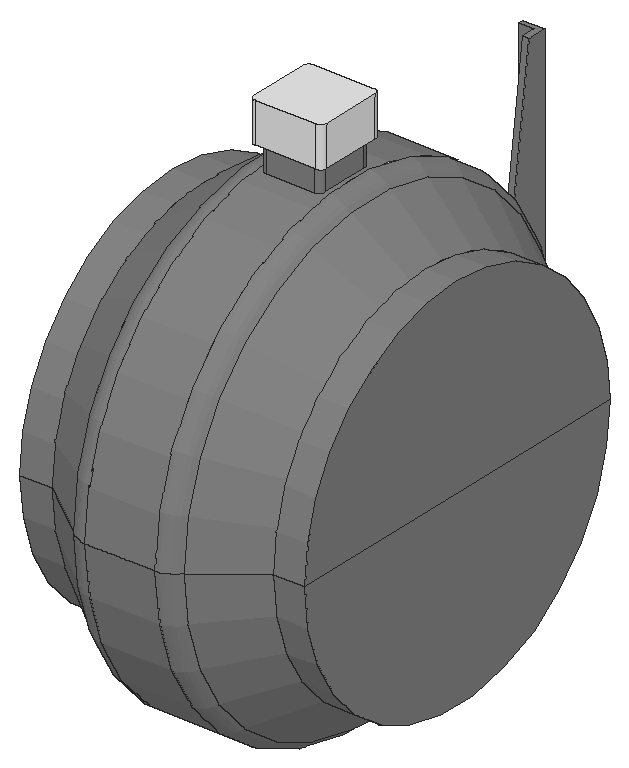
Revit family "НЕВАТОМ_Вентилятор VKK 100-315, версия 1", category Оборудование, Revit 2017
Family settings
  Размер круглого соединителя = Использовать диаметр
  Тип детали = Вставляется
  На основе рабочей плоскости = Нет
  Всегда вертикально = Да
  При загрузке вырезать с полостями = Нет
  Общий = Нет
  Точка расчета площади = Нет
Parameters (values of type "VKK - 315m")
  Полное давление = 690.0 Pa
  Материал = Сталь серая
  Макс. расход воздуха = 1750.0 m³/h
  Крышка = СВМПЭ, белый
  Крепление [instance] = yes
  Ключевая пометка = "Вентиляция"
  Задание электрикам [instance] = no
  h = 26 mm
  d/2 = d / 2  # 157.5 mm
  d = 315 mm
  Nevatom_URL = "https://t.me/NEVATOM_Bim_bot"
  L = 235 mm
  H = 53 mm
  D = 402 mm
  B = 170 mm
  ADSK_Частота вращения вентилятора = 2500
  ADSK_Ток = 1.1 A
  ADSK_Размер_Ширина = L  # 235 mm
  ADSK_Размер_Длина = D  # 402 mm
  ADSK_Размер_Высота = D + H  # 455 mm
  ADSK_Примечание = ""
  ADSK_Полная мощность = 0.25 kW
  ADSK_Позиция = ""
  ADSK_Напряжение = 230 V
  ADSK_Наименование = "Вентилятор канальный круглый"  # constant formula
  ADSK_Материал наименование = "Оцинкованная сталь"  # constant formula
  ADSK_Масса_Текст = "6,1"
  ADSK_Масса = 6.1
  ADSK_Марка = "VKK - 315m"
  ADSK_Количество = 1  # constant formula
  ADSK_Код изделия = ""
  ADSK_Завод-изготовитель = "НЕВАТОМ"  # constant formula
  ADSK_Единица измерения = "шт."  # constant formula
  A = 435 mm
  2h = 2 * h  # 52 mm
Types (6, lengths in mm): name | Полное давление | Макс. расход воздуха | h | d/2 | d | L | D | ADSK_Частота вращения вентилятора | ADSK_Ток | ADSK_Размер_Ширина | ADSK_Размер_Длина | ADSK_Размер_Высота | ADSK_Полная мощность | ADSK_Масса_Текст | ADSK_Масса | ADSK_Марка | A | 2h
  VKK - 100m | 260.0 Pa | 230.0 m³/h | 23 | 48.5 | 97 | 195 | 242 | 2500 | 0.3 A | 195 | 242 | 295 | 0.07 kW | "3,2" | 3.2 | "VKK - 100m" | 275 | 46
  VKK - 315m | 690.0 Pa | 1750.0 m³/h | 26 | 157.5 | 315 | 235 | 402 | 2500 | 1.1 A | 235 | 402 | 455 | 0.25 kW | "6,1" | 6.1 | "VKK - 315m" | 435 | 52
  VKK - 125m | 270.0 Pa | 360.0 m³/h | 26 | 62.5 | 125 | 190 | 242 | 2400 | 0.3 A | 190 | 242 | 295 | 0.07 kW | "3,4" | 3.4 | "VKK - 125m" | 275 | 52
  VKK - 160m | 380.0 Pa | 700.0 m³/h | 26 | 80 | 160 | 232 | 332 | 2550 | 0.5 A | 232 | 332 | 385 | 0.115 kW | "4,7" | 4.7 | "VKK - 160m" | 365 | 52
  VKK - 200m | 460.0 Pa | 850.0 m³/h | 23 | 99 | 198 | 228 | 332 | 2600 | 0.7 A | 228 | 332 | 385 | 0.15 kW | "5,1" | 5.1 | "VKK - 200m" | 365 | 46
  VKK - 250m | 525.0 Pa | 1085.0 m³/h | 26 | 124 | 248 | 210 | 332 | 2500 | 0.9 A | 210 | 332 | 385 | 0.2 kW | "4,8" | 4.8 | "VKK - 250m" | 365 | 52
Reference planes
  plane 1 "По центру (Вперед/Назад)": y = 0
  plane 2: z = 0
  plane 3 "По центру (Влево/Вправо)": x = 0
  plane 4: x = -117.5
  plane 5: x = 117.5
  plane 6: x = -91.5
  plane 7: x = 91.5
  plane 8: y = 157.5
  plane 9: y = -157.5
  plane 10: y = 201
  plane 11: y = -201
  plane 12: x = -39.5
  plane 13: x = 39.5
  plane 14: y = 234
  plane 15: y = 217.5
  plane 16: z = 78.75
  plane 17: z = -78.75
  plane 18: z = 201
  plane 19: z = -201
  plane 20: x = -2.5
  plane 21: x = 2.5
  plane 22: y = 229
  plane 23: x = -15
  plane 24: y = 29.937
  plane 25: y = -29.937
  plane 26: x = -30
  plane 27: x = 30
  plane 28: y = 24.852
  plane 29: y = -24.852
  plane 30: x = -25
  plane 31: x = 25
  plane 32: z = 221
  plane 33: z = 254
Forms (mm)
  Extrusion 1, void, not visible
    sketch origin (-345, -245, 50) x (0, -1, 0) y (0, 0, -1)
      loop
        line (-477.965, -475) -> (-477.965, -450) -> (-528.913, -450) -> (-528.913, -475) -> (-477.965, -475)
    from -47.452 to 12
  Revolve 2, solid, material "Сталь серая" <- "Материал"
    sketch origin (0, 0, 0) x (1, 0, 0) y (0, 1, 0)
      loop
        line (-117.5, 0) -> (117.5, 0) -> (117.5, 157.5) -> (91.5, 157.5) -> (45.458, 192.303)
        arc (45.458, 192.303) -> (38.284, 198.693) -> (28.958, 201) r 20
        line (28.958, 201) -> (-28.958, 201)
        arc (-28.958, 201) -> (-38.284, 198.693) -> (-45.458, 192.303) r 20
        line (-45.458, 192.303) -> (-91.5, 157.5) -> (-117.5, 157.5) -> (-117.5, 0)
      axis (-117.5, 0) -> (117.5, 0)
    angle from 0 to 360
  Extrusion 3, solid, material "Сталь серая" <- "Материал", visible <- "Крепление"
    sketch origin (0, 0, 0) x (0, 1, 0) y (0, 0, 1)
      loop
        line (234, 201) -> (217.5, 201) -> (201, 78.75) -> (157.5, 78.75) -> (157.5, -78.75) -> (201, -78.75) -> (217.5, -201) -> (234, -201) -> (234, 201)
    from -2.5 to 2.5
  Extrusion 4, solid, material "Сталь серая" <- "Материал", visible <- "Крепление"
    sketch origin (0, 0, 0) x (1, 0, 0) y (0, 0, 1)
      loop
        line (-15, 201) -> (-15, -201) -> (2.5, -201) -> (2.5, 201) -> (-15, 201)
    from -234 to -229
  Extrusion 5, solid, material "СВМПЭ, белый" <- "Крышка"
    sketch origin (0, 0, 0) x (1, 0, 0) y (0, 1, 0)
      loop
        arc (-25, 29.937) -> (-28.536, 28.473) -> (-30, 24.938) r 5
        line (-30, 24.938) -> (-30, -24.937)
        arc (-30, -24.937) -> (-28.536, -28.473) -> (-25, -29.937) r 5
        line (-25, -29.937) -> (25, -29.937)
        arc (25, -29.937) -> (28.536, -28.473) -> (30, -24.937) r 5
        line (30, -24.937) -> (30, 24.937)
        arc (30, 24.937) -> (28.536, 28.473) -> (25, 29.937) r 5
        line (25, 29.937) -> (-25, 29.937)
    from 254 to 221
  Extrusion 6, solid, material "Сталь серая" <- "Материал"
    sketch origin (0, 0, 0) x (1, 0, 0) y (0, 1, 0)
      loop
        arc (-20, 24.852) -> (-23.536, 23.388) -> (-25, 19.852) r 5
        line (-25, 19.852) -> (-25, -19.852)
        arc (-25, -19.852) -> (-23.536, -23.388) -> (-20, -24.852) r 5
        line (-20, -24.852) -> (20, -24.852)
        arc (20, -24.852) -> (23.536, -23.388) -> (25, -19.852) r 5
        line (25, -19.852) -> (25, 19.852)
        arc (25, 19.852) -> (23.536, 23.388) -> (20, 24.852) r 5
        line (20, 24.852) -> (-20, 24.852)
    from 78.75 to 221
Cuts and joins
  joined: Extrusion 3, Extrusion 4
  joined: Revolve 2, Extrusion 6
Lines and regions (mm)
  model lines, not visible, detail levels coarse
    curve 1: circle (0, 0, 0) r 135 normal (0, 0, 1)
    curve 2: line (-135, 0, 0) -> (43.681, 127.738, 0)
    curve 3: line (-135, 0, 0) -> (43.681, -127.738, 0)
    curve 4: line (43.681, 127.738, 0) -> (43.681, -127.738, 0)
  model lines, not visible, detail levels medium
    curve 5: circle (0, 0, 0) r 90 normal (0, -1, 0)
    curve 6: line (-90, 0, 0) -> (39.046, 0, 81.089)
    curve 7: line (-90, 0, 0) -> (39.046, 0, -81.089)
    curve 8: line (39.046, 0, 81.089) -> (39.046, 0, -81.089)
Dimensions and locks
  equal spacing: plane 4, plane 3 "По центру (Влево/Вправо)", plane 5
  "L": plane 4 to plane 5
  "h": plane 4 to plane 6
  "h": plane 7 to plane 5
  equal spacing: plane 8, plane 1 "По центру (Вперед/Назад)", plane 9
  "d": plane 8 to plane 9
  equal spacing: plane 10, plane 1 "По центру (Вперед/Назад)", plane 11
  "D": plane 10 to plane 11
  "2h": plane 6 to plane 12
  "2h": plane 13 to plane 7
  "A": plane 14 to plane 11
  equal spacing: plane 14, plane 15, plane 10
  equal spacing: plane 17, level, plane 16
  "d/2": plane 17 to plane 16
  equal spacing: plane 18, level, plane 19
  "D": plane 18 to plane 19
  equal spacing: plane 20, plane 3 "По центру (Влево/Вправо)", plane 21
  plane 20 to plane 21 = 5 mm
  locked: plane 14 to plane 22 at 5
  locked: plane 23 to plane 3 "По центру (Влево/Вправо)" at 15
  equal spacing: plane 24, plane 1 "По центру (Вперед/Назад)", plane 25
  locked: plane 24 to plane 25 at 59.875
  equal spacing: plane 26, plane 3 "По центру (Влево/Вправо)", plane 27
  locked: plane 26 to plane 27 at 60
  equal spacing: plane 29, plane 1 "По центру (Вперед/Назад)", plane 28
  locked: plane 29 to plane 28 at 49.704
  equal spacing: plane 30, plane 3 "По центру (Влево/Вправо)", plane 31
  locked: plane 30 to plane 31 at 50
  locked: plane 32 to plane 18 at 20
  "H": plane 33 to plane 18
  plane 18 to plane 19 = 402 mm
  plane 33 to plane 18 = 53 mm
  aligned and locked: level to plane 2
  aligned and locked: Revolve 2 sketch curve to plane 1 "По центру (Вперед/Назад)"
  aligned and locked: plane 5 to Revolve 2 sketch curve
  aligned and locked: plane 4 to Revolve 2 sketch curve
  aligned and locked: Revolve 2 sketch curve to plane 10
  aligned and locked: Revolve 2 sketch curve to plane 8  (x2)
  aligned and locked: plane 7 to Revolve 2 sketch curve
  aligned and locked: plane 14 to Extrusion 3 sketch curve
  aligned and locked: plane 19 to Extrusion 3 sketch curve
  aligned and locked: Extrusion 3 sketch curve to plane 17
  aligned and locked: plane 10 to Extrusion 3 sketch curve  (x2)
  aligned and locked: plane 17 to Extrusion 3 sketch curve
  aligned and locked: plane 15 to Extrusion 3 sketch curve  (x2)
  aligned and locked: Extrusion 3 sketch curve to plane 18
  aligned and locked: plane 18 to Extrusion 3 sketch curve
  aligned and locked: plane 16 to Extrusion 3 sketch curve
  aligned and locked: plane 8 to Extrusion 3 sketch curve
  aligned and locked: plane 20 to Extrusion 3
  aligned and locked: Extrusion 3 to plane 21
  aligned and locked: Extrusion 4 sketch curve to Extrusion 3  (x3)
  aligned and locked: Extrusion 4 to plane 22
  aligned and locked: Extrusion 4 to plane 14
  aligned and locked: Extrusion 4 sketch curve to plane 23
  aligned and locked: Extrusion 5 sketch curve to plane 24
  aligned and locked: plane 26 to Extrusion 5 sketch curve
  aligned and locked: plane 25 to Extrusion 5 sketch curve
  aligned and locked: Extrusion 5 sketch curve to plane 27
  aligned and locked: Extrusion 6 sketch curve to plane 28
  aligned and locked: plane 30 to Extrusion 6 sketch curve
  aligned and locked: Extrusion 6 sketch curve to plane 29
  aligned and locked: Extrusion 6 sketch curve to plane 31
  aligned and locked: Extrusion 6 to plane 16
  aligned and locked: plane 32 to Extrusion 6
  aligned and locked: Extrusion 5 to Extrusion 6
  aligned and locked: plane 33 to Extrusion 5
Automatic sketch dimensions
  plane 1 "По центру (Вперед/Назад)" to Revolve 2 sketch curve = 0 mm
  Revolve 2 sketch curve to plane 6 = 0 mm
  Revolve 2 sketch curve to plane 12 = 5.958 mm
  plane 12 to Revolve 2 sketch curve = 10.542 mm
  Revolve 2 sketch curve to plane 13 = 10.542 mm
  Revolve 2 sketch curve to Revolve 2 sketch curve = 20 mm
  Revolve 2 sketch curve to plane 4 = 100 mm
  Revolve 2 sketch curve to Revolve 2 sketch curve = 65 mm
  plane 13 to Revolve 2 sketch curve = 5.958 mm
  Revolve 2 sketch curve to plane 10 = 20 mm
  plane 25 to Extrusion 5 sketch curve = 5 mm
  Extrusion 5 sketch curve to plane 24 = 5 mm
  Extrusion 5 sketch curve to plane 27 = 5 mm  (x2)
  Extrusion 6 sketch curve to plane 29 = 5 mm
  plane 30 to Extrusion 6 sketch curve = 5 mm
  Extrusion 6 sketch curve to plane 31 = 5 mm  (x2)
Nested families
  nested 1: "крепление 15мм" at (-330, 229.965, 495), type "крепление 15мм", not visible
Connectors
  hvac at (-117.5, 0, 0), driven by "d"
    settings: on Revolve 2, index 1, duct flow 0.0 m³/h, flow factor 0, pres drop 0.0 Pa, loss coef 0, conn angle 0.00°, conn width 304.8 mm, conn height 304.8 mm, conn diameter 315 mm, duct sys type 29, conn prof type 0, flow config 0, flow direction 0, loss method 0, conn ref index 2, conn util no, is conn primary yes, conn desc ""
  hvac at (117.5, 0, 0), driven by "d"
    settings: on Revolve 2, index 2, duct flow 0.0 m³/h, flow factor 0, pres drop 0.0 Pa, loss coef 0, conn angle 0.00°, conn width 304.8 mm, conn height 304.8 mm, conn diameter 315 mm, duct sys type 29, conn prof type 0, flow config 0, flow direction 0, loss method 0, conn ref index 1, conn util no, is conn primary no, conn desc ""
Definition of nested family "крепление 15мм"
  Parameters (values of type "крепление 15мм")
    Материал крепления = none
  Reference planes
    plane 1 "По центру (Вперед/Назад)": y = 0
    plane 2: z = 0
    plane 3 "По центру (Влево/Вправо)": x = 0
  Forms (mm)
    Extrusion 1, solid, material <- "Материал крепления"
      sketch origin (0, 0, 0) x (1, 0, 0) y (0, 1, 0)
        loop
          line (-25, 0) -> (0, 0) -> (0, 18.31) -> (0, 25) -> (-3, 25) -> (-3, 3) -> (-25, 3) -> (-25, 0)
      from 0 to 30
    Extrusion 2, void
      sketch origin (0, 0, 0) x (1, 0, 0) y (0, 1, 0)
        loop
          line (-3, 3) -> (-3, 54.96) -> (-58, 54.96) -> (-58, 3) -> (-3, 3)
      from 0 to 15
  Cuts and joins
    Extrusion 2 cuts Extrusion 1
  Dimensions and locks
    Extrusion 1 sketch curve to Extrusion 1 sketch curve = 3 mm  (x2)
    Extrusion 1 sketch curve to Extrusion 1 sketch curve to plane 3 "По центру (Влево/Вправо)" = 25 mm, 0 mm
    Extrusion 1 sketch curve to Extrusion 1 sketch curve = 25 mm
    aligned and locked: level to plane 2
